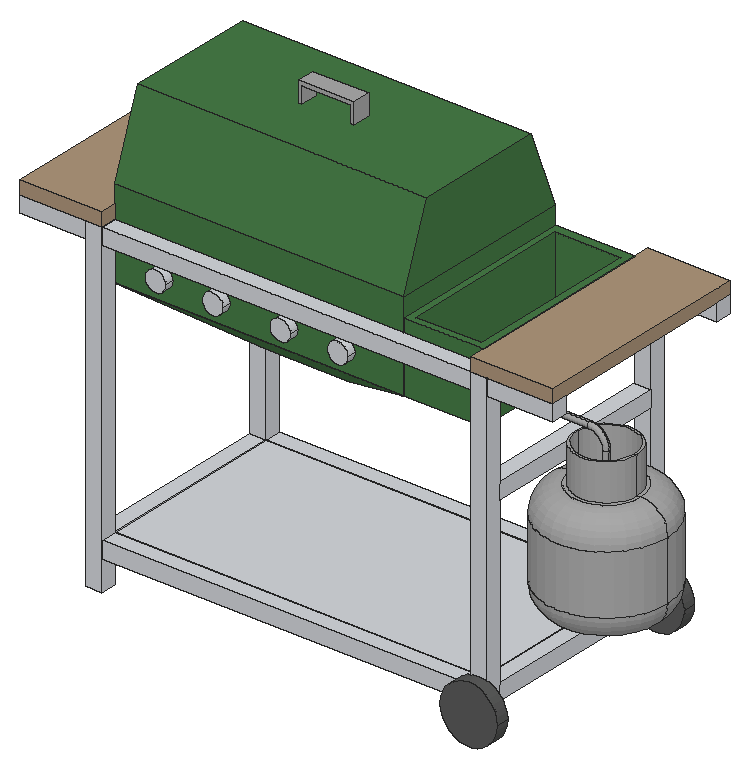
Revit family
Parameters (values of type "Grill")
  Type Comments = "BBQ grill"
  Height = 0 mm
  Lid On / Off [instance] = yes
  Gas Bottle = yes
  Description = "4 burner with chip fryer"
Reference planes
  plane 1 "Center (Front/Back)": y = 0
  plane 2: z = 0
  plane 3 "Center (Left/Right)": x = 0
Forms (mm)
  Extrusion 1, solid, material "BBQ Wheels"
    sketch origin (360, 502.298, 0) x (1, 0, 0) y (0, 0, 1)
      loop
        circle (109.743, 70.22) r 70.22
    from 202.298 to 232.298
  Extrusion 2, solid
    sketch origin (904.983, -7.89, 0) x (1, 0, 0) y (0, 1, 0)
      loop
        line (-455.241, 277.89) -> (-455.241, 237.89) -> (-415.241, 237.89) -> (-415.241, 277.89) -> (-455.241, 277.89)
    from 75 to 800
  Extrusion 3, solid, material "BBQ Wheels"
    sketch origin (360, -502.298, 0) x (1, 0, 0) y (0, 0, -1)
      loop
        circle (109.743, -70.22) r 70.22
    from 202.298 to 232.298
  Extrusion 4, solid
    sketch origin (904.983, 7.89, 0) x (1, 0, 0) y (0, 1, 0)
      loop
        line (-455.241, -277.89) -> (-415.241, -277.89) -> (-415.241, -237.89) -> (-455.241, -237.89) -> (-455.241, -277.89)
    from 75 to 800
  Extrusion 5, solid
    sketch origin (-904.983, -7.89, 0) x (-1, 0, 0) y (0, -1, 0)
      loop
        line (-455.241, -277.89) -> (-415.241, -277.89) -> (-415.241, -237.89) -> (-455.241, -237.89) -> (-455.241, -277.89)
    from 0 to 800
  Extrusion 6, solid
    sketch origin (-904.983, 7.89, 0) x (-1, 0, 0) y (0, -1, 0)
      loop
        line (-455.241, 277.89) -> (-455.241, 237.89) -> (-415.241, 237.89) -> (-415.241, 277.89) -> (-455.241, 277.89)
    from 0 to 800
  Extrusion 7, solid
    sketch origin (0, 0, 0) x (1, 0, 0) y (0, 0, 1)
      loop
        line (489.743, 75) -> (489.743, 115) -> (449.743, 115) -> (449.743, 75) -> (489.743, 75)
    from -230 to 230
  Extrusion 8, solid
    sketch origin (-939.485, 0, 0) x (1, 0, 0) y (0, 0, 1)
      loop
        line (489.743, 75) -> (489.743, 115) -> (449.743, 115) -> (449.743, 75) -> (489.743, 75)
    from -230 to 230
  Extrusion 9, solid
    sketch origin (0, 0, 685) x (1, 0, 0) y (0, 0, 1)
      loop
        line (489.743, 75) -> (489.743, 115) -> (449.743, 115) -> (449.743, 75) -> (489.743, 75)
    from -230 to 230
  Extrusion 10, solid
    sketch origin (-939.485, 0, 685) x (1, 0, 0) y (0, 0, 1)
      loop
        line (489.743, 75) -> (489.743, 115) -> (449.743, 115) -> (449.743, 75) -> (489.743, 75)
    from -230 to 230
  Extrusion 11, solid
    sketch origin (0, 0, 0) x (0, 1, 0) y (0, 0, 1)
      loop
        line (230, 760) -> (270, 760) -> (270, 800) -> (230, 800) -> (230, 760)
    from -650 to 650
  Extrusion 12, solid
    sketch origin (0, -500, 0) x (0, 1, 0) y (0, 0, 1)
      loop
        line (230, 760) -> (270, 760) -> (270, 800) -> (230, 800) -> (230, 760)
    from -650 to 650
  Extrusion 13, solid
    sketch origin (0, 0, -685) x (0, 1, 0) y (0, 0, 1)
      loop
        line (230, 760) -> (270, 760) -> (270, 800) -> (230, 800) -> (230, 760)
    from -449.743 to 449.743
  Extrusion 14, solid
    sketch origin (0, -500, -685) x (0, 1, 0) y (0, 0, 1)
      loop
        line (230, 760) -> (270, 760) -> (270, 800) -> (230, 800) -> (230, 760)
    from -449.743 to 449.743
  Extrusion 15, solid
    sketch origin (0, 0, 0) x (1, 0, 0) y (0, 1, 0)
      loop
        line (-449.743, 230) -> (-449.743, -230) -> (449.743, -230) -> (449.743, 230) -> (-449.743, 230)
    from 102.917 to 115
  Extrusion 16, solid, material "BBQ Timber"
    sketch origin (0, 0, 0) x (1, 0, 0) y (0, 1, 0)
      loop
        line (-449.743, 270) -> (-650, 270) -> (-650, -270) -> (-449.743, -270) -> (-449.743, 270)
      loop
        line (449.743, 270) -> (449.743, -270) -> (650, -270) -> (650, 270) -> (449.743, 270)
    from 800 to 832.288
  Blend 17, solid, material "BBQ Colour"
    base sketch origin (0, 0, 0) x (1, 0, 0) y (0, 1, 0)
      loop
        line (-449.743, 230) -> (-449.743, -230) -> (254.936, -230) -> (254.936, 230) -> (-449.743, 230)
    top sketch origin (0, 0, 0) x (1, 0, 0) y (0, 1, 0)
      loop
        line (-205.592, 79.454) -> (-205.592, -75.359) -> (0, -75.359) -> (0, 79.454) -> (-205.592, 79.454)
    from 661.317 to 533.768
  Extrusion 18, solid, material "BBQ Colour"
    sketch origin (0, 0, 0) x (1, 0, 0) y (0, 1, 0)
      loop
        line (-449.743, 230) -> (-449.743, -230) -> (254.936, -230) -> (254.936, 230) -> (-449.743, 230)
      loop
        line (-431.178, 218.553) -> (-431.178, -219.938) -> (238.347, -219.938) -> (238.347, 218.553) -> (-431.178, 218.553)
    from 661.317 to 876.384
  Extrusion 19, solid
    sketch origin (0, 0, 0) x (1, 0, 0) y (0, 0, 1)
      loop
        circle (-335.146, 712.66) r 25
      loop
        circle (-195.146, 712.66) r 25
      loop
        circle (-30.146, 712.66) r 25
      loop
        circle (109.854, 712.66) r 25
    from 230 to 250
  Extrusion 20, solid, material "BBQ Metal"
    sketch origin (0, 0, 0) x (1, 0, 0) y (0, 1, 0)
      loop
        line (-402.208, 200.69) -> (-402.208, -203.873) -> (211.864, -203.873) -> (211.864, 200.69) -> (-402.208, 200.69)
    from 819.178 to 832.288
  Extrusion 21, solid, material "BBQ Colour"
    sketch origin (0, 0, 0) x (1, 0, 0) y (0, 1, 0)
      loop
        line (254.936, 230) -> (254.936, -230) -> (449.743, -230) -> (449.743, 230) -> (254.936, 230)
    from 661.317 to 832.288
  Extrusion 22, void
    sketch origin (0, 0, 0) x (1, 0, 0) y (0, 1, 0)
      loop
        line (273.116, 209.263) -> (273.116, -215.737) -> (433.116, -215.737) -> (433.116, 209.263) -> (273.116, 209.263)
    from 685.621 to 855.94
  Extrusion 23, solid
    sketch origin (0, 0, 440) x (1, 0, 0) y (0, 0, 1)
      loop
        line (489.743, 75) -> (489.743, 115) -> (449.743, 115) -> (449.743, 75) -> (489.743, 75)
    from -230 to 230
  Revolve 24, solid, material "BBQ Metal", visible <- "Gas Bottle"
    sketch origin (-16.324, 0, 59.173) x (1, 0, 0) y (0, 0, 1)
      loop
        line (581.696, 452.528) -> (571.696, 452.528) -> (571.696, 417.528) -> (511.696, 417.528) -> (511.696, 507.528) -> (506.696, 507.528) -> (506.696, 417.528) -> (496.696, 417.528)
        arc (496.696, 417.528) -> (450.734, 398.49) -> (431.696, 352.528) r 65
        line (431.696, 352.528) -> (431.696, 207.528)
        arc (431.696, 207.528) -> (450.734, 161.566) -> (496.696, 142.528) r 65
        line (496.696, 142.528) -> (581.696, 142.528) -> (581.696, 452.528)
      axis (581.696, 142.528) -> (581.696, 507.528)
    angle from 0 to 360
  Sweep 25, solid, material "BBQ Metal", visible <- "Gas Bottle"
    path origin (0, 0, 0) x (1, 0, 0) y (0, 0, 1)
      loop
        line (565.373, 511.701) -> (565.373, 551.701)
        arc (565.373, 551.701) -> (553.657, 579.986) -> (525.373, 591.701) r 40
        line (525.373, 591.701) -> (271.864, 591.701)
        arc (271.864, 591.701) -> (240.044, 604.881) -> (226.864, 636.701) r 45
        line (226.864, 636.701) -> (226.864, 661.317)
    profile origin (565.373, 0, 531.701) x (-1, 0, 0) y (0, -1, 0)
      loop
        circle (0, 0) r 7.061
  Blend 26, solid, material "BBQ Colour", visible <- "Lid On / Off"
    base sketch origin (0, 0, 0) x (1, 0, 0) y (0, 1, 0)
      loop
        line (-449.743, 230) -> (-449.743, -230) -> (254.936, -230) -> (254.936, 230) -> (-449.743, 230)
    top sketch origin (0, 0, 0) x (1, 0, 0) y (0, 1, 0)
      loop
        line (-449.743, 158.553) -> (-449.743, -159.938) -> (254.936, -159.938) -> (254.936, 158.553) -> (-449.743, 158.553)
    from 876.384 to 1063.868
  Extrusion 27, solid, material "BBQ Metal", visible <- "Lid On / Off"
    sketch origin (0, 0, 0) x (1, 0, 0) y (0, 0, 1)
      loop
        line (-165.3, 1063.868) -> (-157.461, 1063.868) -> (-157.461, 1103.868) -> (-37.461, 1103.868) -> (-37.461, 1063.868) -> (-30.3, 1063.868) -> (-30.3, 1113.868) -> (-165.3, 1113.868) -> (-165.3, 1063.868)
    from -18.058 to 25.952
Cuts and joins
  Extrusion 22 cuts Extrusion 1
  Extrusion 22 cuts Extrusion 2
  Extrusion 22 cuts Extrusion 3
  Extrusion 22 cuts Extrusion 4
  Extrusion 22 cuts Extrusion 5
  Extrusion 22 cuts Extrusion 6
  Extrusion 22 cuts Extrusion 7
  Extrusion 22 cuts Extrusion 8
  Extrusion 22 cuts Extrusion 9
  Extrusion 22 cuts Extrusion 10
  Extrusion 22 cuts Extrusion 11
  Extrusion 22 cuts Extrusion 12
  Extrusion 22 cuts Extrusion 13
  Extrusion 22 cuts Extrusion 14
  Extrusion 22 cuts Extrusion 15
  Extrusion 22 cuts Extrusion 16
  Extrusion 22 cuts Blend 17
  Extrusion 22 cuts Extrusion 18
  Extrusion 22 cuts Extrusion 19
  Extrusion 22 cuts Extrusion 20
  Extrusion 22 cuts Extrusion 21
